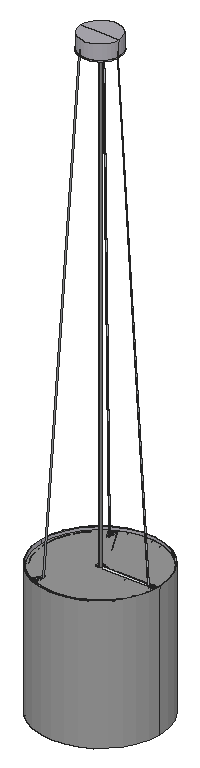
Revit family "Lighting - Lumetta - Pendant - P51814", category Lighting Fixtures, host Ceiling, Revit 2015
Parameters
  Wattage = 11.7117 W
  built-in parameter 1150110 = 1 (stored number, unit not read)
  URL = "https://lumetta.com/luminaires/drum-18-pendant/"
  Type Comments = ""
  built-in parameter 1114217 = 1 (stored number, unit not read)
  Top Lens-Material [instance] = Acrylic - 2447 - White
  Top Lens [instance] = yes
  built-in parameter 1150109 = 1 (stored number, unit not read)
  built-in parameter 1150134 = (empty or 0)
  Suspension [instance] = 2
  built-in parameter 1150113 = 1 (stored number, unit not read)
  Stem Hung-ALL Lamping [instance] = Suspension = 3  # no
  Light Source Symbol Size = 0' - 1"
  1CRD-3CBL- LED-4 Wire [instance] = Suspension = 2  # yes
  Coupling-Stems Over 60 inches [instance] = and([Stem Hung-ALL Lamping], Fixture Drop > 5' 0")  # no
  Model = "P51814"  # constant formula
  Manufacturer = "Lumetta, Inc."  # constant formula
  Lumens = 1300 lm
  built-in parameter 1150115 = 1 (stored number, unit not read)
  built-in parameter 1150105 = 103.45 (stored number, unit not read)
  built-in parameter 1150137 = (empty or 0)
  built-in parameter 1150139 = (empty or 0)
  built-in parameter 1150112 = 1 (stored number, unit not read)
  built-in parameter 1150114 = 1 (stored number, unit not read)
  built-in parameter 1150132 = 1
  built-in parameter 1150102 = (empty or 0)
  built-in parameter 1150138 = (empty or 0)
  built-in parameter 1150107 = 3000 (stored number, unit not read)
  built-in parameter 1150106 = 1.0345 (stored number, unit not read)
  Frame Finish [instance] = Paint - Lumetta - F02 - PC_Chrome
  Fixture Height [instance] = 1' - 8"
  Fixture Drop [instance] = 6' - 0"
  built-in parameter 1150104 = 10.312 (stored number, unit not read)
  Dimming Lamp Color Temperature Shift = (empty or 0)
  Diffuser Material [instance] = Shade - Lumetta - D866 - Cherry
  Description = "Drum 12'' Pendant"  # constant formula
  Cord [instance] = or(Suspension = 1, Suspension = 2)  # yes
  Bottom Lens-Material [instance] = Acrylic - P95 - Etched White
  Bottom Lens [instance] = yes
  3 Cables [instance] = or(Suspension = 1, Suspension = 2)  # yes
  1CRD-3CBL-STD and 2 or 3 Wire [instance] = Suspension = 1  # no
  Cord Color [instance] = Cord, Black
  Color Filter = 16777215
  built-in parameter 1114218 = 1 (stored number, unit not read)
  built-in parameter 1150133 = 10 (stored number, unit not read)
Reference planes (in)
  plane 1 "Light Source Axis (F/B)": y = 0
  plane 2 "Ceiling": z = 96
  plane 3 "Light Source Axis (L/R)": x = 0
  plane 4 "Light Source Elevation": z = 21.5
  plane 5 "Fixture-Top": z = 24
  plane 6 "Fixture-OD": x = 9
  plane 7 "Fixture-Height": z = 4
  plane 8: through (0, 0, 0) normal (-0.5, -0.866, 0)
  plane 9: y = 0
  plane 10: through (0, 0, 0) normal (0.5, -0.866, 0)
  plane 11 "Plane-120": through (-4.5, 7.79423, 0) normal (0.5, -0.866, 0)
  plane 12 "Plane-240": through (-66.85383, 28.20577, 0) normal (0.5, 0.866, 0)
  plane 13: through (0, 0, 0) normal (-0.866, -0.5, 0)
  plane 14: through (0, 0, 0) normal (0.866, -0.5, 0)
Forms (in)
  Revolve 1, solid, material "Paint - Lumetta - F02 - PC_Chrome" <- "Frame Finish", visible <- "1CRD-3CBL-STD and 2 or 3 Wire"
    sketch origin (0, 0, 0) x (1, 0, 0) y (0, 0, 1)
      loop
        line (0, 96) -> (0, 94.9375) -> (0.2793, 94.9375) -> (0.375, 95.4375) -> (3, 95.4375) -> (3, 95.5) -> (2.87509, 95.5) -> (2.87509, 96) -> (0, 96)
      axis (0, 96) -> (0, 94.9375)
    angle from 0 to 360
  Extrusion 2, void
    sketch origin (0, 0, 95.4375) x (0, -1, 0) y (1, 0, 0)
      loop
        circle (0, 0) r 0.25
      loop
        circle (0, 2.5) r 0.06274
      loop
        circle (-2.16506, -1.25) r 0.06274
      loop
        circle (2.16506, -1.25) r 0.06274
    from 0 to 0.06358
  Revolve 3, solid, material "Paint - Lumetta - F02 - PC_Chrome" <- "Frame Finish"
    sketch origin (0, 0, 0) x (1, 0, 0) y (0, 0, 1)
      loop
        line (9, 24) -> (8.93781, 24) -> (8.93781, 23.56373) -> (8.50031, 23.56373) -> (8.50031, 23.50123) -> (9, 23.50123) -> (9, 24)
      loop
        line (9, 4.50004) -> (8.93781, 4.50004) -> (8.93781, 4.06378) -> (8.50031, 4.06378) -> (8.50031, 4) -> (9, 4) -> (9, 4.50004)
      axis (0, 24) -> (0, 4)
    angle from 0 to 360
  Revolve 4, solid, material "Shade - Lumetta - D866 - Cherry" <- "Diffuser Material"
    sketch origin (0, 0, 0) x (1, 0, 0) y (0, 0, 1)
      loop
        line (9, 24) -> (9, 4) -> (9.06242, 4) -> (9.06242, 24) -> (9, 24)
      axis (0, 24) -> (0, 4)
    angle from 0 to 360
  Revolve 5, solid, material "Paint - Lumetta - F02 - PC_Chrome" <- "Frame Finish", visible <- "1CRD-3CBL- LED-4 Wire"
    sketch origin (0, 0, 0) x (1, 0, 0) y (0, 0, 1)
      loop
        line (0, 96) -> (0, 93.22) -> (0.26563, 93.22) -> (0.36282, 93.72) -> (3, 93.72) -> (3, 93.78) -> (2.875, 93.78) -> (2.875, 96) -> (0, 96)
      axis (0, 96) -> (0, 93.22)
    angle from 0 to 360
  Extrusion 6, solid, material "Paint - Lumetta - F02 - PC_Chrome" <- "Frame Finish", visible <- "Stem Hung-ALL Lamping"
    sketch origin (0, 0, 24) x (0, -1, 0) y (-1, 0, 0)
      loop
        circle (0, 0) r 0.25
    from 0.56254 to -72
  Revolve 7, solid, material "Paint - Lumetta - F02 - PC_Chrome" <- "Frame Finish", visible <- "Coupling-Stems Over 60 inches"
    sketch origin (0, 0, 0) x (1, 0, 0) y (0, 0, 1)
      loop
        line (0, 84.53023) -> (0, 84) -> (0.26233, 84)
        arc (0.26233, 84) -> (0.31307, 84.05074) -> (0.26233, 84.10149) r 0.05074
        arc (0.26233, 84.10149) -> (0.29304, 84.26499) -> (0.26243, 84.42851) r 0.45126
        arc (0.26243, 84.42851) -> (0.31329, 84.47937) -> (0.26243, 84.53023) r 0.05086
        line (0.26243, 84.53023) -> (0, 84.53023)
      axis (0, 84.53023) -> (0, 84)
    angle from 0 to 360
  Revolve 8, solid, material "Paint - Lumetta - F02 - PC_Chrome" <- "Frame Finish", visible <- "Stem Hung-ALL Lamping"
    sketch origin (0, 0, 0) x (1, 0, 0) y (0, 0, 1)
      loop
        line (0, 96) -> (0, 93.40625) -> (0.34988, 93.40625)
        arc (0.34988, 93.40625) -> (0.49124, 93.54417) -> (0.58115, 93.72) r 0.61026
        line (0.58115, 93.72) -> (3, 93.72) -> (3, 93.78) -> (2.875, 93.78) -> (2.875, 96) -> (0, 96)
      axis (0, 96) -> (0, 93.40625)
    angle from 0 to 360
  Extrusion 9, solid, material "Cord, Black" <- "Cord Color", visible <- "Cord"
    sketch origin (0, 0, 24) x (0, -1, 0) y (1, 0, 0)
      loop
        circle (0, 0) r 0.15674
    from -0.56254 to 69.78
  Extrusion 10, solid
    sketch origin (0, 0, 24) x (0, -1, 0) y (1, 0, 0)
      loop
        line (-0.5, 8.48559) -> (-0.5, 7.75) -> (0.5, 7.75) -> (0.5, 8.48559)
        arc (0.5, 8.48559) -> (0, 8.50031) -> (-0.5, 8.48559) r 8.50031
      loop
        circle (0, 8) r 0.11051
      loop
        arc (-7.59873, -3.80978) -> (-7.36148, -4.25015) -> (-7.09873, -4.67581) r 8.50031
        line (-7.09873, -4.67581) -> (-6.4617, -4.30801) -> (-6.9617, -3.44199) -> (-7.59873, -3.80978)
      loop
        circle (-6.9282, -4) r 0.10826
      loop
        arc (7.09873, -4.67581) -> (7.36148, -4.25015) -> (7.59873, -3.80978) r 8.50031
        line (7.59873, -3.80978) -> (6.9617, -3.44199) -> (6.4617, -4.30801) -> (7.09873, -4.67581)
      loop
        circle (6.9282, -4) r 0.10826
    from -0.43627 to -0.49877
  Extrusion 11, solid, material "Paint - Lumetta - F11 - PC_White"
    sketch origin (0, 0, 24) x (0, -1, 0) y (1, 0, 0)
      loop
        circle (0, 8) r 0.11051
      loop
        line (-0.76833, 8.23292) -> (-0.76833, 3.91872) -> (-3.81453, -1.35746) -> (-7.49575, -3.48282) -> (-6.74575, -4.78185) -> (-3.00954, -2.62475) -> (3.08287, -2.62475) -> (6.76408, -4.7501) -> (7.51408, -3.45107) -> (3.77787, -1.29396) -> (0.73167, 3.98222) -> (0.73167, 8.23292) -> (-0.76833, 8.23292)
      loop
        circle (0, 7.25) r 0.15796
      loop
        circle (-6.9282, -4) r 0.11051
      loop
        circle (-6.27868, -3.625) r 0.15796
      loop
        circle (6.9282, -4) r 0.11051
      loop
        circle (6.27868, -3.625) r 0.15796
      loop
        circle (0, 0) r 0.25
    from -0.5625 to -0.49877
  Sweep 12, solid
    path origin (0, 0, 0) x (1, 0, 0) y (0, 0, 1)
      loop
        line (2.5, 95.50108) -> (7.25, 23.50123)
    profile origin (4.875, 0, 59.50116) x (0.997831, 0, 0.065829) y (0, -1, 0)
      loop
        circle (0, 0) r 0.03083
  Sweep 13, solid
    path origin (0, 0, 0) x (-0.5, 0.866025, 0) y (0, 0, 1)
      loop
        line (2.5, 95.50108) -> (7.25, 23.50123)
    profile origin (-2.4375, 4.22187, 59.50116) x (-0.498915, 0.864147, 0.065829) y (0.866025, 0.5, 0)
      loop
        circle (0, 0) r 0.03083
  Sweep 14, solid
    path origin (0, 0, 0) x (-0.5, -0.866025, 0) y (0, 0, 1)
      loop
        line (2.5, 95.50108) -> (7.25, 23.50123)
    profile origin (-2.4375, -4.22187, 59.50116) x (-0.498915, -0.864147, 0.065829) y (-0.866025, 0.5, 0)
      loop
        circle (0, 0) r 0.03083
  Extrusion 15, solid, material "Acrylic - 2447 - White" <- "Top Lens-Material", visible <- "Top Lens"
    sketch origin (0, 0, 24) x (0, -1, 0) y (1, 0, 0)
      loop
        arc (-7.87592, -4.08967) -> (-7.80002, -4.15205) -> (-7.70248, -4.14031) r 0.125
        line (-7.70248, -4.14031) -> (-6.41109, -3.39567)
        arc (-6.41109, -3.39567) -> (-6.04935, -3.4926) -> (-6.14587, -3.85504) r 0.26481
        line (-6.14587, -3.85504) -> (-7.43686, -4.60039)
        arc (-7.43686, -4.60039) -> (-7.49579, -4.67899) -> (-7.47971, -4.77591) r 0.125
        arc (-7.47971, -4.77591) -> (0, -8.87443) -> (7.47971, -4.77591) r 8.87443
        arc (7.47971, -4.77591) -> (7.49579, -4.67899) -> (7.43686, -4.60039) r 0.125
        line (7.43686, -4.60039) -> (6.14628, -3.85433)
        arc (6.14628, -3.85433) -> (6.04935, -3.4926) -> (6.4115, -3.39496) r 0.26481
        line (6.4115, -3.39496) -> (7.70248, -4.14031)
        arc (7.70248, -4.14031) -> (7.80002, -4.15205) -> (7.87592, -4.08967) r 0.125
        arc (7.87592, -4.08967) -> (7.68548, 4.43721) -> (0.39621, 8.86558) r 8.87443
        arc (0.39621, 8.86558) -> (0.30423, 8.83104) -> (0.26563, 8.7407) r 0.125
        line (0.26563, 8.7407) -> (0.26562, 0.52733)
        arc (0.26562, 0.52733) -> (0.27899, 0.4711) -> (0.31622, 0.42689) r 0.125
        arc (0.31622, 0.42689) -> (0, -0.53125) -> (-0.31622, 0.42689) r 0.53125
        arc (-0.31622, 0.42689) -> (-0.27899, 0.4711) -> (-0.26563, 0.52733) r 0.125
        line (-0.26563, 0.52733) -> (-0.26562, 8.7407)
        arc (-0.26562, 8.7407) -> (-0.30423, 8.83104) -> (-0.39621, 8.86558) r 0.125
        arc (-0.39621, 8.86558) -> (-7.68548, 4.43721) -> (-7.87592, -4.08967) r 8.87443
    from -0.375 to -0.43627
  Extrusion 16, solid, material "Acrylic - P95 - Etched White" <- "Bottom Lens-Material", visible <- "Bottom Lens"
    sketch origin (0, 0, 4) x (0, -1, 0) y (1, 0, 0)
      loop
        circle (0, 0) r 8.87312
    from 0.06378 to 0.1875
Dimensions and locks (in)
  equal spacing: host sketch curve, plane 3 "Light Source Axis (L/R)", host sketch curve
  equal spacing: host sketch curve, plane 1 "Light Source Axis (F/B)", host sketch curve
  host sketch curve to host sketch curve = 10' - 0"  (x2)
  "Fixture Drop": plane 2 "Ceiling" to plane 5 "Fixture-Top"
  locked: plane 5 "Fixture-Top" to plane 4 "Light Source Elevation" at 2.5
  plane 6 "Fixture-OD" to plane 3 "Light Source Axis (L/R)" = 0' - 9"
  "Fixture Height": plane 5 "Fixture-Top" to plane 7 "Fixture-Height"
  locked: Revolve 1 sketch curve to plane 3 "Light Source Axis (L/R)" at 2.87509
  locked: Revolve 1 sketch curve to plane 3 "Light Source Axis (L/R)" at 3
  locked: Extrusion 2 sketch curve to Extrusion 2 sketch curve at 2.5
  locked: plane 6 "Fixture-OD" to Revolve 3 sketch curve at 0.06219  (x2)
  locked: Revolve 4 sketch curve to plane 6 "Fixture-OD" at 0.06242
  locked: Revolve 3 to Revolve 4 at 0.06378
  locked: Extrusion 6 sketch curve to imposter light
  locked: Extrusion 6 sketch curve to imposter light at 0
  Revolve 7 sketch curve to Revolve 7 sketch curve = 0' - 0.15822"
  locked: Revolve 7 sketch curve to Revolve 4 at 60
  locked: Revolve 7 sketch curve to Revolve 7 sketch curve at 0.53023
  locked: Revolve 7 sketch curve to Revolve 7 sketch curve at 0.26243
  locked: Revolve 7 sketch curve to Revolve 7 sketch curve at 0.26233
  locked: Revolve 7 sketch curve to Revolve 7 sketch curve at 0.05074
  locked: Revolve 7 sketch curve to Revolve 7 sketch curve at 0.47937
  locked: Revolve 7 sketch curve to Revolve 7 sketch curve at 0.26512
  locked: Revolve 8 sketch curve to Revolve 8 sketch curve at 2.875
  locked: Revolve 8 sketch curve to Revolve 8 sketch curve at 0.31375
  locked: plane 5 "Fixture-Top" to Revolve 3 sketch curve at 0.49877
  locked: Revolve 3 sketch curve to Revolve 3 sketch curve at 0.0625
  locked: Revolve 3 sketch curve to plane 7 "Fixture-Height" at 0.50004
  locked: plane 6 "Fixture-OD" to Revolve 3 sketch curve at 0.49969
  locked: host ceiling to Revolve 5 sketch curve at 2.28
  locked: Revolve 5 sketch curve to Revolve 5 sketch curve at 0
  locked: Revolve 5 sketch curve to Revolve 5 sketch curve at 2.875
  locked: Revolve 5 sketch curve to Revolve 5 sketch curve at 0.26563
  locked: Revolve 5 sketch curve to Revolve 5 sketch curve at 0.36282
  locked: Revolve 5 sketch curve to Revolve 5 sketch curve at 0.06
  locked: Revolve 5 sketch curve to Revolve 5 sketch curve at 0.5
  locked: Revolve 1 sketch curve to Revolve 1 sketch curve at 0.0625
  locked: host ceiling to Revolve 1 sketch curve at 0.5625
  locked: Revolve 1 sketch curve to Revolve 1 sketch curve at 0.5625
  locked: Revolve 1 sketch curve to Revolve 1 sketch curve at 3
  Revolve 1 sketch curve to Revolve 1 sketch curve = 0' - 2.87509"
  locked: Revolve 1 sketch curve to Revolve 1 sketch curve at 0.5
  locked: Revolve 1 sketch curve to Revolve 1 sketch curve at 0.375
  locked: Revolve 1 sketch curve to Revolve 1 sketch curve at 0.2793
  equal spacing: Extrusion 10 sketch curve, plane 1 "Light Source Axis (F/B)", Extrusion 10 sketch curve
  locked: Extrusion 10 sketch curve to plane 1 "Light Source Axis (F/B)" at 0.5
  locked: Extrusion 10 sketch curve to plane 6 "Fixture-OD" at 1
  locked: Extrusion 10 sketch curve to plane 6 "Fixture-OD" at 1.25
  locked: Extrusion 11 sketch curve to plane 6 "Fixture-OD" at 1
  locked: Extrusion 11 sketch curve to plane 6 "Fixture-OD" at 1.75
  plane 10 to plane 11 "Plane-120" = 0' - 9"
  plane 12 "Plane-240" to plane 8 = 0' - 9"
  locked: plane 11 "Plane-120" to Extrusion 10 sketch curve at 1.25
  locked: Extrusion 10 sketch curve to plane 11 "Plane-120" at 1
  locked: plane 12 "Plane-240" to Extrusion 10 sketch curve at 1.25
  locked: Extrusion 10 sketch curve to plane 12 "Plane-240" at 1
  locked: Extrusion 11 sketch curve to plane 11 "Plane-120" at 0.76708
  locked: Extrusion 11 sketch curve to plane 12 "Plane-240" at 0.76708
  locked: Extrusion 11 sketch curve to plane 6 "Fixture-OD" at 0.76708
  locked: Extrusion 11 sketch curve to plane 12 "Plane-240" at 1
  locked: Extrusion 11 sketch curve to plane 12 "Plane-240" at 1.75
  locked: Extrusion 11 sketch curve to plane 11 "Plane-120" at 1
  locked: Extrusion 11 sketch curve to plane 11 "Plane-120" at 1.75
  locked: plane 8 to Extrusion 11 sketch curve at 2.62475
  locked: plane 10 to Extrusion 11 sketch curve at 2.62475
  locked: Extrusion 11 sketch curve to plane 3 "Light Source Axis (L/R)" at 2.62475
  equal spacing: Extrusion 10 sketch curve, plane 13, Extrusion 10 sketch curve, locked at 0.5 each
  equal spacing: Extrusion 10 sketch curve, plane 14, Extrusion 10 sketch curve
  locked: plane 10 to Extrusion 2 sketch curve at 2.5
  locked: Extrusion 2 sketch curve to plane 8 at 2.5
  Extrusion 15 sketch curve to plane 6 "Fixture-OD" = 0' - 9"
  locked: plane 5 "Fixture-Top" to Extrusion 15 at 0.375
  locked: Extrusion 15 sketch curve to plane 13 at 0.26562
  locked: plane 13 to Extrusion 15 sketch curve at 0.26563
  locked: Extrusion 15 sketch curve to plane 11 "Plane-120" at 1.75
  locked: Extrusion 16 sketch curve to plane 6 "Fixture-OD" at 9
  locked: Extrusion 16 to plane 7 "Fixture-Height" at 0.1875
  aligned and locked: plane 3 "Light Source Axis (L/R)" to imposter light
  aligned and locked: plane 1 "Light Source Axis (F/B)" to imposter light
  aligned and locked: plane 4 "Light Source Elevation" to imposter light
  aligned and locked: Revolve 4 sketch curve to plane 3 "Light Source Axis (L/R)"
  aligned and locked: Revolve 7 sketch curve to Revolve 7 sketch curve  (x2)
  aligned and locked: host ceiling to Extrusion 6
  aligned and locked: Revolve 5 to Extrusion 9
  aligned and locked: Extrusion 10 to Revolve 3
  aligned and locked: Revolve 3 to Extrusion 10
  aligned and locked: Extrusion 11 to Extrusion 10
  aligned and locked: Extrusion 10 sketch curve to Revolve 3
  aligned and locked: Extrusion 15 to Revolve 3
  aligned and locked: Extrusion 16 to Revolve 3
Automatic sketch dimensions
  Revolve 4 sketch curve to plane 6 "Fixture-OD" = 0' - 0"
  Revolve 4 sketch curve to plane 7 "Fixture-Height" = 0' - 0"
  Revolve 4 sketch curve to plane 5 "Fixture-Top" = 0' - 0"
  plane 7 "Fixture-Height" to Revolve 4 sketch curve = 0' - 1 1/4"
  Revolve 4 sketch curve to plane 5 "Fixture-Top" = 0' - 2 1/4"
  Revolve 7 sketch curve to plane 3 "Light Source Axis (L/R)" = 0' - 0"
  Revolve 7 sketch curve to Revolve 7 sketch curve = 0' - 11.34317"
  Revolve 8 sketch curve to plane 3 "Light Source Axis (L/R)" = 0' - 0"  (x3)
  Revolve 8 sketch curve to plane 2 "Ceiling" = 0' - 0"
  plane 3 "Light Source Axis (L/R)" to Revolve 8 sketch curve = 0' - 0.34988"
  Revolve 8 sketch curve to Revolve 8 sketch curve = 0' - 0.23126"
  Revolve 8 sketch curve to Revolve 8 sketch curve = 0' - 0 1/8"
  Revolve 8 sketch curve to plane 2 "Ceiling" = 0' - 2 3/32"
  Revolve 8 sketch curve to Revolve 8 sketch curve = 0' - 0.06"
  plane 2 "Ceiling" to Revolve 8 sketch curve = 0' - 1 3/4"
  Revolve 8 sketch curve to Revolve 8 sketch curve = 0' - 2 1/2"
  Revolve 5 sketch curve to plane 2 "Ceiling" = 0' - 0"
  plane 2 "Ceiling" to Revolve 5 sketch curve = 0' - 1 3/4"
  Revolve 5 sketch curve to Revolve 5 sketch curve = 0' - 2 1/2"
  plane 1 "Light Source Axis (F/B)" to Extrusion 9 sketch curve = 0' - 0"
  Extrusion 9 sketch curve to plane 3 "Light Source Axis (L/R)" = 0' - 0"
  Revolve 3 sketch curve to plane 3 "Light Source Axis (L/R)" = 0' - 0"
  Revolve 3 sketch curve to plane 7 "Fixture-Height" = 0' - 0"
  Revolve 3 sketch curve to plane 5 "Fixture-Top" = 0' - 0"
  Revolve 3 sketch curve to plane 6 "Fixture-OD" = 0' - 0"  (x2)
  Revolve 3 sketch curve to level = 0' - 10"
  Revolve 3 sketch curve to plane 2 "Ceiling" = 0' - 1"
  Revolve 3 sketch curve to Revolve 3 sketch curve = 0' - 0 7/16"
  Revolve 3 sketch curve to Revolve 3 sketch curve = 0' - 0.06378"
  Revolve 5 sketch curve to plane 3 "Light Source Axis (L/R)" = 0' - 0"
  Revolve 5 sketch curve to Revolve 5 sketch curve = 0' - 0 1/8"
  Revolve 1 sketch curve to plane 3 "Light Source Axis (L/R)" = 0' - 0"
  Revolve 1 sketch curve to plane 5 "Fixture-Top" = 0' - 1 1/4"
  Revolve 1 sketch curve to Revolve 1 sketch curve = 0' - 9 3/4"
  Extrusion 10 sketch curve to Extrusion 10 sketch curve = 0' - 0"  (x2)
  plane 1 "Light Source Axis (F/B)" to Extrusion 10 sketch curve = 0' - 0"  (x2)
  Extrusion 10 sketch curve to Extrusion 10 sketch curve = 0' - 0.03349"  (x2)
  Extrusion 10 sketch curve to Extrusion 10 sketch curve = 0' - 0.17053"
  Extrusion 10 sketch curve to plane 6 "Fixture-OD" = 0' - 0.51441"
  Extrusion 10 sketch curve to plane 3 "Light Source Axis (L/R)" = 0' - 0"
  plane 1 "Light Source Axis (F/B)" to Extrusion 11 sketch curve = 0' - 0"  (x3)
  Extrusion 11 sketch curve to plane 3 "Light Source Axis (L/R)" = 0' - 0"
  Extrusion 11 sketch curve to plane 3 "Light Source Axis (L/R)" = 0' - 1.35746"
  Extrusion 11 sketch curve to Extrusion 11 sketch curve = 0' - 0.80499"
  Extrusion 11 sketch curve to Extrusion 11 sketch curve = 0' - 1.21707"
  Extrusion 11 sketch curve to Extrusion 11 sketch curve = 0' - 0.64952"  (x2)
  plane 1 "Light Source Axis (F/B)" to Extrusion 11 sketch curve = 0' - 0.73167"
  Extrusion 11 sketch curve to plane 3 "Light Source Axis (L/R)" = 0' - 1.29396"
  Extrusion 11 sketch curve to Extrusion 11 sketch curve = 0' - 0.69501"
  Extrusion 11 sketch curve to Extrusion 11 sketch curve = 0' - 0.4854"
  Extrusion 11 sketch curve to Extrusion 11 sketch curve = 0' - 0.0635"
  plane 14 to Extrusion 10 sketch curve = 0' - 0"
  plane 13 to Extrusion 10 sketch curve = 0' - 0"
  Extrusion 2 sketch curve to Revolve 1 = 0' - 0"
  Extrusion 2 sketch curve to Extrusion 2 sketch curve = 0' - 1 1/4"  (x2)
  Sweep 12 sketch curve to plane 2 "Ceiling" = 0' - 0.49892"
  plane 3 "Light Source Axis (L/R)" to Sweep 12 sketch curve = 0' - 2 1/2"
  plane 5 "Fixture-Top" to Sweep 12 sketch curve = 0' - 0.49877"
  Sweep 12 sketch curve to plane 6 "Fixture-OD" = 0' - 1 3/4"
  Sweep 12 sketch curve to plane 1 "Light Source Axis (F/B)" = 0' - 0"
  Sweep 12 sketch curve to profile plane = 0' - 0"
  Sweep 13 sketch curve to plane 2 "Ceiling" = 0' - 0.49892"
  Sweep 13 sketch curve to plane 10 = 0' - 2 1/2"
  plane 5 "Fixture-Top" to Sweep 13 sketch curve = 0' - 0.49877"
  plane 11 "Plane-120" to Sweep 13 sketch curve = 0' - 1 3/4"
  Sweep 13 sketch curve to profile plane = 0' - 0"
  profile plane to Sweep 13 sketch curve = 0' - 0"
  Sweep 14 sketch curve to plane 2 "Ceiling" = 0' - 0.49892"
  plane 8 to Sweep 14 sketch curve = 0' - 2 1/2"
  plane 5 "Fixture-Top" to Sweep 14 sketch curve = 0' - 0.49877"
  plane 12 "Plane-240" to Sweep 14 sketch curve = 0' - 1 3/4"
  profile plane to Sweep 14 sketch curve = 0' - 0"  (x2)
  Extrusion 15 sketch curve to Extrusion 15 sketch curve = 0' - 0"  (x11)
  plane 13 to Extrusion 15 sketch curve = 0' - 0"
  plane 1 "Light Source Axis (F/B)" to Extrusion 15 sketch curve = 0' - 0"
  plane 14 to Extrusion 15 sketch curve = 0' - 0"
  Extrusion 15 sketch curve to Extrusion 15 sketch curve = 0' - 1.09568"  (x2)
  Extrusion 15 sketch curve to plane 3 "Light Source Axis (L/R)" = 0' - 4.60039"  (x2)
  Extrusion 15 sketch curve to plane 3 "Light Source Axis (L/R)" = 0' - 4.14031"
  Extrusion 15 sketch curve to Extrusion 15 sketch curve = 0' - 0 1/16"  (x3)
  Extrusion 15 sketch curve to plane 1 "Light Source Axis (F/B)" = 0' - 0 25/64"  (x2)
  Extrusion 15 sketch curve to Extrusion 15 sketch curve = 0' - 0 1/8"  (x3)
  plane 1 "Light Source Axis (F/B)" to Extrusion 15 sketch curve = 0' - 0 17/64"
  Extrusion 15 sketch curve to plane 3 "Light Source Axis (L/R)" = 0' - 3 5/8"
  Extrusion 15 sketch curve to Extrusion 15 sketch curve = 0' - 0 17/64"
  Extrusion 15 sketch curve to Extrusion 15 sketch curve = 0' - 0.10825"  (x4)
  Extrusion 15 sketch curve to Extrusion 15 sketch curve = 0' - 0.46008"
  Extrusion 15 sketch curve to plane 6 "Fixture-OD" = 0' - 0.2593"  (x2)
  Extrusion 15 sketch curve to Extrusion 15 sketch curve = 0' - 0.1324"  (x3)
  Extrusion 15 sketch curve to plane 3 "Light Source Axis (L/R)" = 0' - 3.39496"
  Extrusion 15 sketch curve to plane 3 "Light Source Axis (L/R)" = 0' - 3.85504"
  Extrusion 15 sketch curve to Extrusion 15 sketch curve = 0' - 0.0506"
  Extrusion 15 sketch curve to Extrusion 15 sketch curve = 0' - 0 17/128"
  Extrusion 15 sketch curve to Extrusion 15 sketch curve = 0' - 0.00041"  (x2)
  Extrusion 15 sketch curve to Extrusion 15 sketch curve = 0' - 0.23004"
  Extrusion 15 sketch curve to Extrusion 15 sketch curve = 0' - 0.00071"  (x3)
  plane 1 "Light Source Axis (F/B)" to Extrusion 16 sketch curve = 0' - 0"
  radius of Extrusion 6 sketch curve = 0' - 0 1/4"
  radius of Extrusion 9 sketch curve = 0' - 0.15674"
  radius of Extrusion 10 sketch curve = 0' - 0.11051"
  radius of Extrusion 10 sketch curve = 0' - 0.10826"  (x2)
  radius of Extrusion 11 sketch curve = 0' - 0.11051"  (x3)
  radius of Extrusion 11 sketch curve = 0' - 0.15796"  (x3)
  radius of Extrusion 11 sketch curve = 0' - 0 1/4"
  radius of Extrusion 2 sketch curve to Revolve 1 = 0' - 0 1/8"
  radius of Extrusion 2 sketch curve = 0' - 0.06274"  (x3)
  radius of Sweep 12 sketch curve = 0' - 0.03083"
  radius of Sweep 13 sketch curve = 0' - 0.03083"
  radius of Sweep 14 sketch curve = 0' - 0.03083"
  radius of Extrusion 16 sketch curve = 0' - 8.87312"
